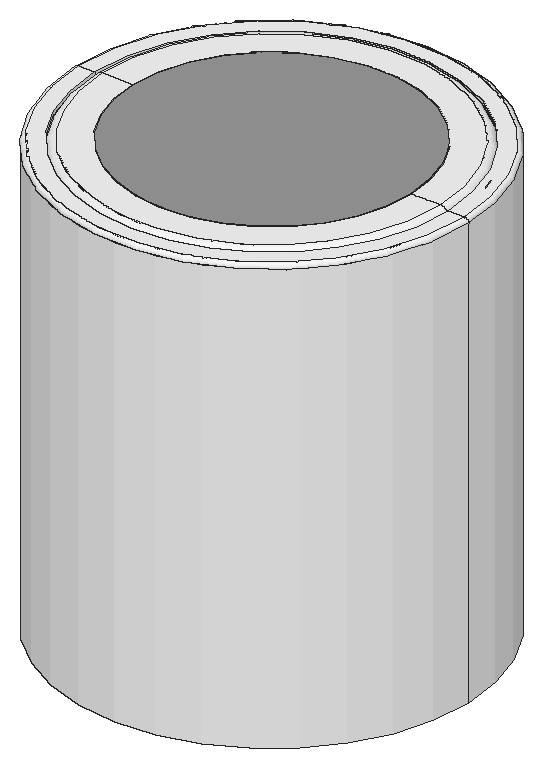
Revit family "3098170 Lighting Fixture_Sylvania_Insaver LED II 150 LO_Surface Mounted", category Lighting Fixtures, host Face, Revit 2017
Family settings
  Host = Face
  Round Connector Dimension = Use Diameter
  Part Type = Normal
  OmniClass Number = 23.80.70.11.17
  OmniClass Title = Specialized Lighting by Location or Use
  Cut with Voids When Loaded = No
  Light Source = Yes
  Shared = No
  Room Calculation Point = No
Parameters (values of type "Insaver LED II 150 Low Output WW 1-10 Surface Mounted")
  Ta Rating = "0°C to 55°C"  # constant formula
  Reflector Material = Metal_Sylvania_Insaver LED II_Polished
  LOR = "100%"  # constant formula
  IP Rating = "IP23 (44 with accessory)"  # constant formula
  Height = 208.0 mm
  Glare Control = "UGR <19 (using accessory)"  # constant formula
  Energy Class = "A++,A+,A"  # constant formula
  Weight = 0 kg
  Wattage = 17.0103 W
  built-in parameter 1150110 = 1 (stored number, unit not read)
  Voltage Comments = "UNV (Universal Voltage; 220-240 Volt)"  # constant formula
  Voltage = 230 V  # constant formula
  URL = "http://www.sylvania-lighting.com"
  built-in parameter 1114217 = 1 (stored number, unit not read)
  Tilt Angle = -90°
  built-in parameter 1150109 = 1 (stored number, unit not read)
  built-in parameter 1150134 = (empty or 0)
  built-in parameter 1150113 = 1 (stored number, unit not read)
  Product Page URL = "http://www.sylvania-lighting.com/product/en-int/products/3098170"
  Product Family = "INSAVER LED II 150 Surface Mounted"  # constant formula
  Photometry Comments = ""
  Photometric Web File = "3098170_InsaverLEDII150LowOutputWW1-10SurfaceMounted-202088.ies"
  Life = "50 000 h"  # constant formula
  Emit from Circle Diameter = Diffuser Diameter  # 133.0 mm
  Emit Shape Visible in Rendering = no
  Drive Current = "700mA"  # constant formula
  Distribution type = "Direct - symmetrical"  # constant formula
  Diffuser Material = Glass_Sylvania_Insaver LED II_3000K
  Diffuser Diameter = Accessory Diameter - 36.0 mm  # 133.0 mm
  Colour consistency (SDCM) = "3 step"  # constant formula
  built-in parameter 1114216 [instance] = 1 (stored number, unit not read)
  Model = "Insaver LED II 150 Low Output WW 1-10 Surface Mounted"
  Manufacturer = "Feilo Sylvania"
  built-in parameter 1150105 = 1169.2 (stored number, unit not read)
  Lumens = 1650 lm
  built-in parameter 1150115 = 1 (stored number, unit not read)
  built-in parameter 1150137 = (empty or 0)
  built-in parameter 1150139 = (empty or 0)
  built-in parameter 1150112 = 1 (stored number, unit not read)
  built-in parameter 1150114 = 1 (stored number, unit not read)
  Lamp Comments = "Integrated LED"  # constant formula
  Lamp = ""
  built-in parameter 1150132 = 2
  built-in parameter 1150102 = (empty or 0)
  built-in parameter 1150107 = 3000 (stored number, unit not read)
  built-in parameter 1150138 = (empty or 0)
  built-in parameter 1150106 = 11.692 (stored number, unit not read)
  CRI ( Ra ) = 80  # constant formula
  Body Material = Plastic_Sylvania_Insaver LED II_White
  built-in parameter 1150104 = 9.0116 (stored number, unit not read)
  Dimming Lamp Color Temperature Shift = <None>
  Description = "Circular LED downlight with up to 114lm/W efficacy and 2,400 luminaire lumen output. Innovative easy installation system allows for a rapid, single point installation. For 150mm cut outs. IP44 or UGR<19 compliant with additional accessories. 3 hour emergency and surface mounted versions available. Plus3 version includes Wieland GST connector."  # constant formula
  Default Elevation = 0.0 mm
  Color Filter = 16777215
  Catalog Number = "3098170 Insaver LED II 150 Low Output WW 1-10 Surface Mounted"
  built-in parameter 1140040 [instance] = 1
  Radius = Diameter / 2  # 94.0 mm
  Diameter = 188.0 mm
  Beam Angle = 76°  # constant formula
  built-in parameter 1114218 = 1 (stored number, unit not read)
  built-in parameter 1150133 = 10 (stored number, unit not read)
  Assembly Code = "D5020200"
  Apparent Load Comments = ""
  Apparent Load = 17 VA
  Accessory Radius = Accessory Diameter / 2  # 84.5 mm
  Accessory Material = Plastic_Sylvania_Insaver LED II_White
  Accessory Diameter = Diameter - 19.0 mm  # 169.0 mm
Reference planes
  plane 1 "Center (Front/Back)": y = 0
  plane 2: z = 0
  plane 3 "Center (Left/Right)": x = 0
  plane 4: z = 202
  plane 5 "Fixture Bottom": z = 208
  plane 6: z = 205
  plane 7: z = 9.5
  plane 8: z = 148
Forms (mm)
  Revolve 1, solid, material "Plastic_Sylvania_Insaver LED II_White" <- "Accessory Material", detail levels fine
    sketch origin (0, 0, 206.916) x (1, 0, 0) y (0, 0, 1)
      loop
        line (-84.5, -4.916) -> (-66.5, -4.916) -> (-66.5, 1.084) -> (-80.5, 1.084)
        arc (-80.5, 1.084) -> (-83.328, -0.088) -> (-84.5, -2.916) r 4
        line (-84.5, -2.916) -> (-84.5, -4.916)
      axis (0, 1.084) -> (0, -4.916)
    angle from 0 to 360
  Extrusion 2, solid, material "Glass_Sylvania_Insaver LED II_3000K" <- "Diffuser Material", detail levels fine
    sketch origin (0, 0, 206.916) x (1, 0, 0) y (0, 1, 0)
      loop
        circle (0, 0) r 66.5
    from -4.916 to 1.084
  Extrusion 3, solid, material "Plastic_Sylvania_Insaver LED II_White" <- "Body Material", detail levels fine
    sketch origin (0, 0, 0) x (1, 0, 0) y (0, 1, 0)
      loop
        circle (0, 0) r 94
      loop
        circle (0, 0) r 84.5
    from 0 to 205
  Revolve 4, solid, material "Plastic_Sylvania_Insaver LED II_White" <- "Body Material", detail levels fine
    sketch origin (0, 0, 0) x (1, 0, 0) y (0, 0, 1)
      loop
        line (-94, 205) -> (-84.5, 205) -> (-84.5, 207) -> (-92, 207)
        arc (-92, 207) -> (-93.414, 206.414) -> (-94, 205) r 2
      axis (0, 207) -> (0, 205)
    angle from 0 to 360
  Extrusion 5, solid, material "Plastic_Sylvania_Insaver LED II_White" <- "Body Material", detail levels fine
    sketch origin (0, 0, 0) x (1, 0, 0) y (0, 1, 0)
      loop
        circle (0, 0) r 84.5
    from 0 to 9.5
  Revolve 6, solid, detail levels fine
    sketch origin (0, 0, 0) x (1, 0, 0) y (0, 0, 1)
      loop
        line (0, 148) -> (0, 150)
        arc (0, 150) -> (-48.672, 164.089) -> (-82.291, 202) r 91.113
        line (-82.291, 202) -> (-84.5, 202)
        arc (-84.5, 202) -> (-50.14, 162.653) -> (0, 148) r 93.113
      axis (0, 202) -> (0, 148)
    angle from 0 to 360
  Extrusion 7, solid, material "Plastic_Sylvania_Insaver LED II_White" <- "Body Material", detail levels coarse+medium
    sketch origin (0, 0, 0) x (1, 0, 0) y (0, 1, 0)
      loop
        circle (0, 0) r 94
    from 0 to 208
Cuts and joins
  joined: Extrusion 3, Revolve 4, Extrusion 5
Lines and regions (mm)
  Masking region 1
    outline origin (0, 0, 0) x (1, 0, 0) y (0, 1, 0)
      loop
        circle (0, 0) r 94
  symbolic lines, detail levels fine
    curve 1: arc (66.5, 0, 0) -> (0, 66.5, 0) -> (-66.5, 0, 0) r 66.5
    curve 2: arc (-66.5, 0, 0) -> (0, -66.5, 0) -> (66.5, 0, 0) r 66.5
Dimensions and locks
  locked: Revolve 1 sketch curve to Revolve 1 sketch curve at 18
  "Accessory Radius": plane 3 "Center (Left/Right)" to Revolve 1 sketch curve
  locked: Revolve 1 sketch curve to plane 4 at 2
  plane 5 "Fixture Bottom" to plane 6 to plane 4 to plane 8 = 3.0 mm locked, 3.0 mm locked, 54.0 mm locked
  "Height": plane 5 "Fixture Bottom" to plane 2
  locked: Revolve 4 sketch curve to plane 6 at 2
  locked: plane 7 to plane 2 at 9.5
  "Radius": plane 3 "Center (Left/Right)" to Revolve 4 sketch curve
  locked: Revolve 4 sketch curve to Revolve 4 sketch curve at 9.5
  "Accessory Radius": plane 3 "Center (Left/Right)" to Revolve 6 sketch curve
  locked: Revolve 6 sketch curve to Revolve 6 sketch curve at 2.209
  locked: Revolve 6 sketch curve to plane 8 at 2
  "Diffuser Diameter": diameter of Extrusion 2 sketch curve
  "Diameter": diameter of Extrusion 3 sketch curve
  "Accessory Diameter": diameter of Extrusion 3 sketch curve
  "Accessory Diameter": diameter of Extrusion 5 sketch curve
  "Diameter": diameter of Extrusion 7 sketch curve
  aligned and locked: plane 2 to host face
  aligned and locked: level to host face
  aligned and locked: imposter light to plane 1 "Center (Front/Back)"
  aligned and locked: plane 4 to Revolve 1 sketch curve
  aligned and locked: Revolve 1 sketch curve to plane 3 "Center (Left/Right)"
  aligned and locked: plane 4 to Extrusion 2
  aligned and locked: Extrusion 2 to plane 5 "Fixture Bottom"
  aligned and locked: Extrusion 3 to plane 6
  aligned and locked: Extrusion 3 to plane 2
  aligned and locked: Revolve 4 sketch curve to plane 3 "Center (Left/Right)"
  aligned and locked: plane 5 "Fixture Bottom" to Revolve 1 sketch curve
  aligned and locked: plane 6 to Revolve 4 sketch curve
  aligned and locked: Extrusion 5 to plane 2
  aligned and locked: Extrusion 5 to plane 7
  aligned and locked: imposter light to plane 3 "Center (Left/Right)"
  aligned and locked: imposter light to plane 5 "Fixture Bottom"
  aligned and locked: Revolve 6 sketch curve to imposter light
  aligned and locked: Revolve 6 sketch curve to plane 4
  aligned and locked: imposter light to Revolve 6 sketch curve
  aligned and locked: Extrusion 7 to plane 5 "Fixture Bottom"
  aligned and locked: Extrusion 7 to plane 2
  aligned and locked: Masking region 1 sketch curve to Extrusion 7  (x2)
  aligned and locked: curve 1 to Extrusion 2
  aligned and locked: curve 2 to Extrusion 2
Automatic sketch dimensions
  host sketch curve to host sketch curve = 1040.406 mm
  host sketch curve to host sketch curve = 988.385 mm
  plane 4 to Revolve 1 sketch curve = 23.903 mm
  Revolve 1 sketch curve to plane 5 "Fixture Bottom" = 38.423 mm
  plane 1 "Center (Front/Back)" to Extrusion 2 sketch curve = 0.0 mm
  Extrusion 2 sketch curve to plane 3 "Center (Left/Right)" = 0.0 mm
  Extrusion 3 sketch curve to Extrusion 3 sketch curve = 0.0 mm  (x2)
  plane 1 "Center (Front/Back)" to Extrusion 3 sketch curve = 0.0 mm
  Extrusion 3 sketch curve to plane 3 "Center (Left/Right)" = 0.0 mm
  Revolve 4 sketch curve to plane 5 "Fixture Bottom" = 23.931 mm
  Revolve 4 sketch curve to Revolve 4 sketch curve = 16.615 mm
  plane 1 "Center (Front/Back)" to Extrusion 5 sketch curve = 0.0 mm
  Extrusion 5 sketch curve to plane 3 "Center (Left/Right)" = 0.0 mm
  Revolve 6 sketch curve to Revolve 6 sketch curve = 0.0 mm
  plane 4 to Revolve 6 sketch curve = 22.636 mm
  Revolve 6 sketch curve to Revolve 6 sketch curve = 1.749 mm
  plane 1 "Center (Front/Back)" to Extrusion 7 sketch curve = 0.0 mm
  Extrusion 7 sketch curve to plane 3 "Center (Left/Right)" = 0.0 mm
Connectors
  electrical at (0, 0, 0), driven by "Voltage", driven by "Apparent Load"
    settings: on cut or joined group of Extrusion 3, Revolve 4, Extrusion 5, index 1, voltage 230 V, apparent load 0 VA, apparent load phase1 17 VA, apparent load phase2 0 VA, apparent load phase3 0 VA, power factor 1, load classification "Lighting", number of poles 1, system type 31, power factor state 1, is connector primary yes, connector utility no, sub classification motor no, connector description ""
